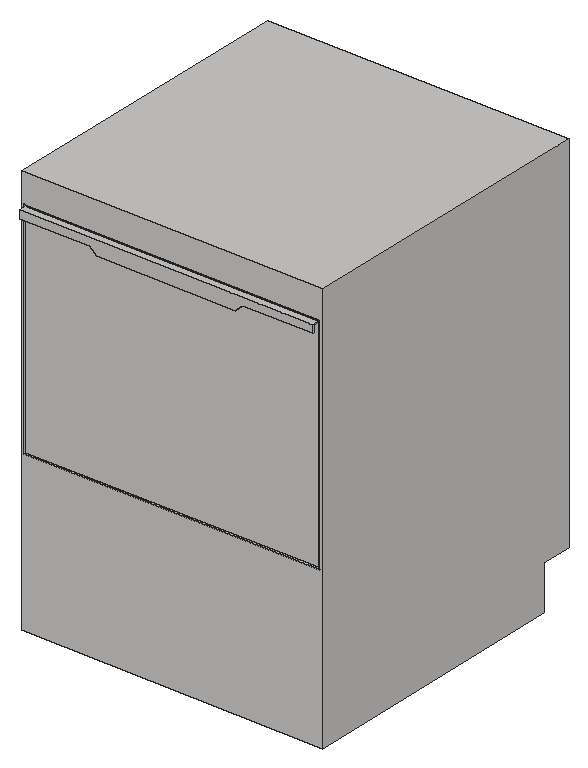
Revit family "QF_ELECTROLUXPROFESSIONAL_400204_EL1P", category Specialty Equipment, Revit 2018
Family settings
  Round Connector Dimension = Use Diameter
  Part Type = Normal
  Work Plane-Based = No
  Always vertical = Yes
  Cut with Voids When Loaded = No
  Shared = No
  Room Calculation Point = No
Parameters (values of type "Standard")
  Weight = 47.00 kg
  Watts = 0 W
  Volts = 230 V
  URL Manufacturer = "http://professional.electrolux.com"
  URL = "http://professional.electrolux.com"
  Steam Supply Size = 0 mm
  Steam Supply Minimum Pressure = 0.0 Pa
  Steam Supply Maximum Pressure = 0.0 Pa
  Steam Pounds per Hour = 0
  Show Logo [instance] = yes
  Show Clearance [instance] = yes
  Refrigeration Suction Line Size = 0 mm
  Refrigeration Liquid Line Size = 0 mm
  Refrigerant Compressor Remote = yes
  Manufacturer = "Electrolux Professional"
  Phase = 1
  Model = "EL1P"
  Length Actual = 600 mm  # constant formula
  Item Number = "400204"
  Hot Water Size = 19.05 mm
  Height Actual = 820 mm  # constant formula
  HP = "4.9 HP"
  Gas Size = 0 mm
  Gas KW = 0
  Gas Input Pressure = 0 W
  Direct Waste Size = 20.5 mm
  Description = "UNDERCOUNTER(L), 1PH, DRAIN PUMP, 540D/H"
  Depth Actual = 648 mm  # constant formula
  Cycle = 50 Hz
  Condensate Return Size = 0 mm
  Compressed Air Volume = 0.0 L/s
  Compressed Air Size = 0 mm
  Compressed Air Pressure = 0.0 Pa
  Cold Water Size = 0 mm
  Accessory = yes
Types (2, lengths in mm): name | URL | Manufacturer | Phase | Model | Hot Water Size | Description
  (no name) | "http://professional.electrolux.com/" | 0 | 0 | 0 | 0 | 0
  Standard | "http://professional.electrolux.com" | "Electrolux Professional" | 1 | "EL1P" | 19.05 | "UNDERCOUNTER(L), 1PH, DRAIN PUMP, 540D/H"
Values of the unnamed type that differ from the named types
  Volts = 0 V
  URL Manufacturer = ""
  Item Number = ""
  Cycle = 0 Hz
Reference planes
  plane 1 "Center (Front/Back)": y = 0
  plane 2: z = 0
  plane 3 "Center (Left/Right)": x = 0
  plane 4 "LEFT": x = -300
  plane 5 "RIGHT": x = 300
  plane 6 "FRONT": y = -306
  plane 7 "BACK": y = 306
  plane 8: x = -202.5
  plane 9: x = 202.5
  plane 10: z = 830
  plane 11: z = 10
Forms (mm)
  Extrusion 1, solid, material "QF_Finishes_Stainless Steel"
    sketch origin (0, 0, 0) x (1, 0, 0) y (0, 1, 0)
      loop
        line (-300, -306) -> (300, -306) -> (300, 245) -> (-300, 245) -> (-300, -306)
    from 10 to 830
  Extrusion 2, solid, material "QF_Finishes_Stainless Steel"
    sketch origin (0, 0, 0) x (1, 0, 0) y (0, 1, 0)
      loop
        line (-300, 245) -> (300, 245) -> (300, 306) -> (-300, 306) -> (-300, 245)
    from 100 to 830
  Extrusion 3, solid, material "QF_Finishes_Stainless Steel"
    sketch origin (0, 17.5, 0) x (1, 0, 0) y (0, 1, 0)
      loop
        circle (-254, 167.5) r 12.5
      loop
        circle (254, 167.5) r 12.5
      loop
        circle (-254, -263.5) r 12.5
      loop
        circle (254, -263.5) r 12.5
    from 0 to 10
  Extrusion 4, void
    sketch origin (-300, -306, 0) x (-1, 0, 0) y (0, 0, 1)
      loop
        line (-5, 773.217) -> (-595, 773.217) -> (-595, 327.335) -> (-5, 327.335) -> (-5, 773.217)
    from 0 to 30
  Extrusion 5, solid, material "QF_Finishes_Stainless Steel"
    sketch origin (-259, -389, 768) x (0, 0, -1) y (1, 0, 0)
      loop
        circle (693, 143) r 10
    from -634 to -695
  Extrusion 6, solid, material "QF_Door-Drawer Clearances", visible <- "Show Clearance", detail levels coarse
    sketch origin (-230, -282.5, 0) x (0, 1, 0) y (0, 0, -1)
      loop
        line (-23.5, -330.419) -> (-391.5, -330.419)
        arc (-391.5, -330.419) -> (-290.693, -619.855) -> (-23.5, -770) r 432.894
        line (-23.5, -770) -> (-23.5, -330.419)
    from 61.197 to -521.306
  Extrusion 7, solid, material "QF_Finishes_Stainless Steel"
    sketch origin (-315.481, -389, 738) x (0, 0, -1) y (1, 0, 0)
      loop
        circle (663, 252.481) r 8
    from -634 to -695
  Extrusion 8, solid, material "QF_Finishes_Stainless Steel"
    sketch origin (-230, -282.5, 0) x (0, 1, 0) y (0, 0, -1)
      loop
        line (-23.5, -330.419) -> (-23.5, -770) -> (1.5, -770) -> (1.5, -330.419) -> (-23.5, -330.419)
    from 61.197 to -521.306
  Extrusion 9, solid, material "QF_Finishes_Stainless Steel"
    sketch origin (-230, -297.5, 0) x (0, 1, 0) y (0, 0, -1)
      loop
        line (-8.5, -770) -> (-8.5, -767.514) -> (-21, -767.514) -> (-21, -741.25) -> (-23.5, -741.25) -> (-23.5, -770) -> (-8.5, -770)
    from 61.197 to -521.306
  Extrusion 10, void
    sketch origin (-230, -321, 770) x (0, 0, 1) y (1, 0, 0)
      loop
        line (-15.552, -61.197) -> (-15.552, 77.909) -> (-28.75, 91.107) -> (-28.75, -61.197) -> (-15.552, -61.197)
      loop
        line (-15.552, 521.197) -> (-28.75, 521.197) -> (-28.75, 368.893) -> (-15.552, 382.091) -> (-15.552, 521.197)
    from 0 to 2.5
  Extrusion 11, solid, material "QF_Finishes_Stainless Steel"
    sketch origin (-295.988, 885.897, 763.79) x (0, -1, 0) y (1, 0, 0)
      loop
        circle (611.5, 158) r 8
    from -663.79 to -673.79
Cuts and joins
  Extrusion 4 cuts Extrusion 1
  joined: Extrusion 1, Extrusion 2
  Extrusion 10 cuts Extrusion 8
  Extrusion 10 cuts Extrusion 9
Lines and regions (mm)
  Split face 1
    outline origin (-300, -306, 830) x (0, 0, -1) y (1, 0, 0)
      loop
        line (21.579, 283.75) -> (39.683, 283.75) -> (39.683, 316.25) -> (21.579, 316.25) -> (21.579, 283.75)
  Split face 2
    outline origin (-300, -306, 830) x (0, 0, -1) y (1, 0, 0)
      loop
        line (56.783, 595) -> (56.783, 600)
      loop
        arc (56.783, 412.5) -> (28.391, 440.891) -> (0, 412.5) r 28.391
  symbolic lines
    curve 1: line (-300, 306, 0) -> (300, 306, 0)
    curve 2: line (-300, -306, 0) -> (-300, 306, 0)
    curve 3: line (300, -306, 0) -> (-300, -306, 0)
    curve 4: line (300, 306, 0) -> (300, -306, 0)
    curve 9: line (-291.197, -306, 0) -> (-291.197, -321, 0)
    curve 10: line (291.306, -321, 0) -> (291.306, -306, 0)
    curve 11: line (-291.197, -321, 0) -> (291.306, -321, 0)
  symbolic lines, style "QF_Door-Drawer Clearances"
    curve 5: line (-291.197, -674, 0) -> (291.306, -674, 0)
    curve 6: line (291.306, -674, 0) -> (291.306, -306, 0)
    curve 7: line (-291.197, -674, 0) -> (-291.197, -306, 0)
  symbolic lines, style "SpecialityEquipmentHiddenLines"
    curve 8: line (-300, 245, 0) -> (300, 245, 0)
Dimensions and locks
  equal spacing: plane 4 "LEFT", plane 3 "Center (Left/Right)", plane 5 "RIGHT"
  equal spacing: plane 7 "BACK", plane 1 "Center (Front/Back)", plane 6 "FRONT"
  plane 7 "BACK" to plane 6 "FRONT" = 612 mm
  plane 4 "LEFT" to plane 5 "RIGHT" = 600 mm
  plane 4 "LEFT" to plane 8 = 97.5 mm
  plane 9 to plane 5 "RIGHT" = 97.5 mm
  plane 11 to level = 10 mm
  plane 4 "LEFT" to plane 3 "Center (Left/Right)" = 300 mm
  plane 10 to level = 830 mm  (x2)
  plane 8 to plane 9 = 405 mm
  Extrusion 11 sketch curve to plane 4 "LEFT" = 162.012 mm
  level to Extrusion 5 sketch curve = 75 mm
  Extrusion 5 sketch curve to plane 4 "LEFT" = 184 mm
  Extrusion 7 sketch curve to plane 4 "LEFT" = 237 mm
  level to Extrusion 7 sketch curve = 75 mm
  Extrusion 3 to cut or joined group of Extrusion 1, Extrusion 2, Extrusion 4 = 121 mm
  Extrusion 3 to Extrusion 3 = 431 mm
  plane 6 "FRONT" to Extrusion 3 = 60 mm
  plane 9 to plane 8 = 405 mm
  plane 7 "BACK" to curve 5 = 980 mm
  cut or joined group of Extrusion 1, Extrusion 2, Extrusion 4 to level = 327.335 mm
  aligned and locked: level to plane 2
  aligned and locked: Extrusion 1 sketch curve to plane 6 "FRONT"
  aligned and locked: Extrusion 1 sketch curve to plane 4 "LEFT"
  aligned and locked: plane 5 "RIGHT" to Extrusion 1 sketch curve
  aligned and locked: Extrusion 1 to plane 11
  aligned and locked: Extrusion 2 sketch curve to Extrusion 1
  aligned and locked: plane 5 "RIGHT" to Extrusion 2 sketch curve
  aligned and locked: plane 11 to Extrusion 3
  aligned and locked: cut or joined group of Extrusion 9, Extrusion 10 to Extrusion 10
Automatic sketch dimensions
  Extrusion 1 sketch curve to plane 7 "BACK" = 61 mm
  Extrusion 3 sketch curve to plane 8 = 51.5 mm  (x2)
  plane 9 to Extrusion 3 sketch curve = 51.5 mm  (x2)
  plane 6 "FRONT" to Extrusion 3 sketch curve = 60 mm  (x2)
  Extrusion 3 sketch curve to plane 7 "BACK" = 121 mm  (x2)
  Extrusion 4 sketch curve to Extrusion 1 = 5 mm  (x2)
  Extrusion 4 sketch curve to Extrusion 1 = 317.335 mm
  Extrusion 4 sketch curve to Extrusion 1 = 56.783 mm
  plane 6 "FRONT" to Extrusion 8 sketch curve = 0 mm
  Extrusion 8 sketch curve to Extrusion 8 sketch curve = 25 mm
  Extrusion 9 sketch curve to plane 6 "FRONT" = 15 mm
  Extrusion 9 sketch curve to Extrusion 9 sketch curve = 2.5 mm
  Extrusion 9 sketch curve to Extrusion 9 sketch curve = 12.5 mm
  Extrusion 9 sketch curve to plane 10 = 60 mm
  Extrusion 9 sketch curve to Extrusion 9 sketch curve = 2.486 mm
  Extrusion 9 sketch curve to Extrusion 9 sketch curve = 26.264 mm
  Extrusion 2 sketch curve to Extrusion 2 sketch curve = 61 mm
  Split face 1 sketch curve to cut or joined group of Extrusion 1, Extrusion 2, Extrusion 4 = 21.579 mm
  Split face 1 sketch curve to Split face 1 sketch curve = 18.104 mm
  Split face 1 sketch curve to cut or joined group of Extrusion 1, Extrusion 2, Extrusion 4 = 278.75 mm
  Split face 1 sketch curve to Split face 1 sketch curve = 32.5 mm
  plane 11 to Extrusion 8 sketch curve = 320.419 mm
  Extrusion 8 sketch curve to plane 10 = 60 mm
  Extrusion 10 sketch curve to Extrusion 9 = 0 mm  (x2)
  Extrusion 9 to Extrusion 10 sketch curve = 0 mm
  Extrusion 10 sketch curve to Extrusion 9 = 13.198 mm  (x2)
  Extrusion 10 sketch curve to Extrusion 9 = 139.107 mm
  Extrusion 10 sketch curve to Extrusion 10 sketch curve = 13.198 mm  (x2)
  Extrusion 10 sketch curve to Extrusion 9 = 152.413 mm
  Extrusion 10 sketch curve to Extrusion 9 = 0.109 mm
  curve 3 to plane 4 "LEFT" = 0 mm
  curve 7 to plane 6 "FRONT" = 0 mm
  curve 4 to plane 5 "RIGHT" = 0 mm
  curve 2 to plane 7 "BACK" = 0 mm
  plane 4 "LEFT" to curve 5 = 8.803 mm
  curve 5 to plane 5 "RIGHT" = 8.694 mm
  plane 4 "LEFT" to curve 11 = 8.803 mm
  curve 10 to plane 5 "RIGHT" = 8.694 mm
  curve 11 to plane 6 "FRONT" = 15 mm
  curve 8 to plane 7 "BACK" = 61 mm
  Extrusion 2 sketch curve to plane 7 "BACK" = 0 mm
  Split face 2 sketch curve to cut or joined group of Extrusion 1, Extrusion 2, Extrusion 4 = 0 mm  (x5)
  Split face 2 sketch curve to cut or joined group of Extrusion 1, Extrusion 2, Extrusion 4 = 182.5 mm
  Extrusion 11 sketch curve to plane 7 "BACK" = 31.603 mm
  Extrusion 6 sketch curve to plane 6 "FRONT" = 0 mm
  plane 6 "FRONT" to Extrusion 6 sketch curve = 64.74 mm
  plane 11 to Extrusion 6 sketch curve = 331.974 mm
  Extrusion 6 sketch curve to Extrusion 6 sketch curve = 11.555 mm
  Extrusion 6 sketch curve to plane 6 "FRONT" = 368 mm
  radius of Extrusion 5 sketch curve = 10 mm
  radius of Extrusion 7 sketch curve = 8 mm
  radius of Extrusion 3 sketch curve = 12.5 mm  (x4)
  radius of Extrusion 11 sketch curve = 8 mm
Connectors
  piping at (-116, 306, 75), diameter 20
    settings: on Extrusion 5, index 1, connector inside diameter 609.6 mm, connector length 0 mm, flow factor 0, pipe flow 0.0 L/s, pressure drop 0.0 Pa, fitting loss kfactor 0, connector angle 0.00°, fixture units 0, engagement length 0 mm, angle of deflection 0.00°, flow configuration 1, flow direction 1, fitting loss method 0, system type 16, joint type 0, gender type 0, connector reference index -1, connector utility 0, adjustable connector no, is connector primary yes, connector description "Drain"
  piping at (-63, 306, 75), diameter 16
    settings: on Extrusion 7, index 3, connector inside diameter 609.6 mm, connector length 0 mm, flow factor 0, pipe flow 0.0 L/s, pressure drop 0.0 Pa, fitting loss kfactor 0, connector angle 0.00°, fixture units 0, engagement length 0 mm, angle of deflection 0.00°, flow configuration 1, flow direction 1, fitting loss method 0, system type 20, joint type 0, gender type 0, connector reference index -1, connector utility 0, adjustable connector no, is connector primary no, connector description "Cold Water Inlet"
  electrical at (-137.988, 274.397, 90), driven by "Volts"
    settings: on Extrusion 11, index 4, voltage 230 V, apparent load 0 VA, apparent load phase1 0 VA, apparent load phase2 0 VA, apparent load phase3 0 VA, power factor 1, load classification "Altro", number of poles 1, system type 31, power factor state 1, is connector primary yes, connector utility no, sub classification motor no, connector description "Electrical Connection"
